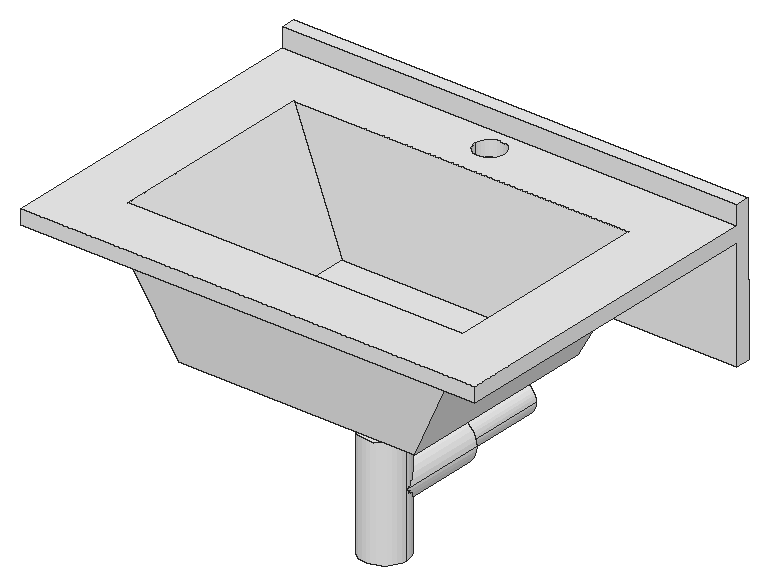
Revit family "01_Lavamanos 60", category Modelos genéricos, Revit 2021
Family settings
  Puede alojar armadura = No
  Cota de conector redondo = Diámetro de uso
  Tipo de pieza = Normal
  Se basa en plano de trabajo = No
  Siempre vertical = Sí
  Corte con vacíos al cargar = No
  Compartido = No
  Punto de cálculo de habitación = No
Parameters (values of type "610x460x170")
  _URL = "www.vatti.cl"
  _Tamaño del producto = "610x460x170"
  _Modelo = "Lavamanos ceramico 610x460x170"
  _Instalación = "Empotrado"
  _Fabricante = "Vatti"
  _Descripción = "Lavamanos ceramico"
  _Contacto teléfono = "+562 2 2478105"
  _Contacto e-mail = "cvender@vatti.cl"
  URL = "www.vatti.cl"
  Tamaño del producto = "610x460x170"
  Model = "Lavamanos ceramico 610x460x170"
  Material = Lavamanos Ceramico
  Largo = 46 cm
  Instalación = "Empotrado"
  Fabricante = "Vatti"
  Especificación Técnica = "LAVAMANOS 610x460x170"
  Elevación por defecto = 0 cm
  Description = "Lavamanos ceramico 610x460x170"
  _Desagüe y Sifón incluidos = "Si"
  Creado por = "Unibim"
  Contacto teléfono = "+562 2 2478105"
  Contacto e-mail = "cvender@vatti.cl"
  Comentarios de tipo = "Desagüe y Sifón incluidos"
  Ceramico = Lavamanos Ceramico
  Ancho = 61 cm
  Altura a Piso = 84 cm
  Altura = 17 cm
Reference planes (cm)
  plane 1 "Center (Front/Back)": y = 0
  plane 2: z = 0
  plane 3 "Center (Left/Right)": x = 0
  plane 4: y = 23
  plane 5: y = -23
  plane 6: x = -30.5
  plane 7: x = 30.5
  plane 8: z = 84
  plane 9: z = 67
Forms (cm)
  Extrusion 1, solid, material "Lavamanos Ceramico" <- "Ceramico"
    sketch origin (0, 0, 0) x (1, 0, 0) y (0, 1, 0)
      loop
        line (-30.5, 23) -> (-30.5, -23) -> (30.5, -23) -> (30.5, 23) -> (-30.5, 23)
      loop
        circle (0, 17.6943) r 2
      loop
        circle (0, 0) r 2
    from 67 to 84
  Blend 2, void
    base sketch origin (0, 0, 84) x (0, 1, 0) y (-1, 0, 0)
      loop
        line (11, 14.5) -> (-13, 14.5) -> (-13, -14.5) -> (11, -14.5) -> (11, 14.5)
    top sketch origin (0, 0, 84) x (0, 1, 0) y (-1, 0, 0)
      loop
        line (13, -22.5) -> (13, 22.5) -> (-15, 22.5) -> (-15, -22.5) -> (13, -22.5)
    from -15.5 to 0
  Extrusion 3, void
    sketch origin (30.5, -23, 0) x (1, 0, 0) y (0, 0, -1)
      loop
        line (-46.346, -67) -> (-61, -67) -> (-61, -82) -> (-53.9113, -82) -> (-46.346, -67)
      loop
        line (-7.0887, -82) -> (0, -82) -> (0, -67) -> (-14.654, -67) -> (-7.0887, -82)
    from 0 to 39
  Extrusion 4, void
    sketch origin (-30.5, -23, 0) x (0, -1, 0) y (0, 0, -1)
      loop
        line (0, -67) -> (-8.2794, -67) -> (-6.3881, -82) -> (0, -82) -> (0, -67)
      loop
        line (-44, -82) -> (-37.6119, -82) -> (-35.7206, -67) -> (-44, -67) -> (-44, -82)
    from 0 to 61
  Extrusion 5, solid, material "Lavamanos Ceramico" <- "Ceramico"
    sketch origin (-30.5, -23, 0) x (0, 1, 0) y (0, 0, -1)
      loop
        line (46, -84) -> (44, -84) -> (44, -86.5) -> (46, -86.5) -> (46, -84)
    from -61 to 0
  Extrusion 6, solid, material "Cromo"
    sketch origin (0, 0, 67) x (0, 1, 0) y (1, 0, 0)
      loop
        circle (0, 0) r 2
    from 0 to 8.9611
  Extrusion 7, solid, material "Cromo"
    sketch origin (0, 0, 67) x (0, 1, 0) y (1, 0, 0)
      loop
        circle (0, 0) r 3
    from 8.9611 to 23.7096
  Extrusion 8, solid, material "Cromo"
    sketch origin (0, 0, 0) x (1, 0, 0) y (0, 0, 1)
      loop
        circle (0, 51.8447) r 3
    from -11.7485 to 0
  Extrusion 9, solid, material "Cromo"
    sketch origin (0, 0, 0) x (1, 0, 0) y (0, 0, 1)
      loop
        circle (0, 51.8447) r 2
    from -11.7485 to -23
Cuts and joins
  Blend 2, Extrusion 3, Extrusion 4 cuts Extrusion 1
  joined: Extrusion 1, Extrusion 5
Dimensions and locks (cm)
  "Ancho": plane 6 to plane 7
  equal spacing: plane 6, plane 3 "Center (Left/Right)", plane 7
  "Largo": plane 4 to plane 5
  equal spacing: plane 4, plane 1 "Center (Front/Back)", plane 5
  "Altura a Piso": plane 8 to plane 2
  locked: Extrusion 5 to Extrusion 5 at 2
  "Altura": plane 8 to plane 9
  locked: cut or joined group of Extrusion 1, Blend 2, Extrusion 3, Extrusion 4, Extrusion 5 to cut or joined group of Extrusion 1, Blend 2, Extrusion 3, Extrusion 4, Extrusion 5 at 2
  aligned and locked: level to plane 2
  aligned and locked: plane 4 to Extrusion 1
  aligned and locked: Extrusion 1 to plane 6
  aligned and locked: Extrusion 1 to plane 5
  aligned and locked: plane 7 to Extrusion 1
  aligned and locked: Extrusion 1 to Blend 2
  aligned and locked: Extrusion 1 to Extrusion 4
  aligned and locked: Extrusion 4 to Extrusion 1  (x2)
  aligned and locked: Extrusion 1 to Extrusion 3  (x2)
  aligned and locked: plane 4 to Extrusion 5
  aligned and locked: plane 1 "Center (Front/Back)" to Extrusion 8
  aligned and locked: Extrusion 9 to Extrusion 8
  aligned and locked: Extrusion 6 to Extrusion 7
  aligned and locked: plane 9 to cut or joined group of Extrusion 1, Blend 2, Extrusion 3, Extrusion 4, Extrusion 5
  aligned and locked: Extrusion 3 to Extrusion 1
  aligned and locked: Extrusion 6 to cut or joined group of Extrusion 1, Blend 2, Extrusion 3, Extrusion 4, Extrusion 5
  aligned and locked: plane 8 to Extrusion 1
  aligned and locked: Extrusion 1 to Extrusion 6
Automatic sketch dimensions
  Blend 2 sketch curve to Extrusion 1 = 8 cm  (x3)
  Blend 2 sketch curve to Extrusion 1 = 10 cm  (x2)
  Blend 2 sketch curve to Extrusion 1 = 12 cm
  Blend 2 sketch curve to Extrusion 1 = 16 cm  (x2)
  Extrusion 3 sketch curve to Extrusion 1 = 0 cm  (x2)
  Extrusion 1 to Extrusion 3 sketch curve = 0 cm  (x2)
  Extrusion 3 sketch curve to Extrusion 1 = 2 cm  (x2)
  Extrusion 3 sketch curve to Extrusion 1 = 7.0887 cm
  Extrusion 3 sketch curve to Extrusion 3 sketch curve = 7.5652 cm
  Extrusion 1 to Extrusion 3 sketch curve = 14.654 cm
  Extrusion 1 to Extrusion 3 sketch curve = 7.0887 cm
  Extrusion 4 sketch curve to Extrusion 1 = 2 cm  (x3)
  Extrusion 4 sketch curve to Extrusion 1 = 0 cm  (x2)
  Extrusion 1 to Extrusion 4 sketch curve = 0 cm
  Extrusion 4 sketch curve to Extrusion 4 sketch curve = 6.3881 cm
  Extrusion 4 sketch curve to Extrusion 4 sketch curve = 8.2794 cm
  Extrusion 1 to Extrusion 4 sketch curve = 8.2794 cm
  Extrusion 1 to Extrusion 4 sketch curve = 6.3881 cm
  Extrusion 1 sketch curve to plane 4 = 0 cm
  Extrusion 1 sketch curve to plane 6 = 0 cm
  Extrusion 1 sketch curve to plane 3 "Center (Left/Right)" = 0 cm  (x2)
  plane 1 "Center (Front/Back)" to Extrusion 1 sketch curve = 0 cm
  Extrusion 1 sketch curve to plane 5 = 0 cm
  Extrusion 1 sketch curve to plane 7 = 0 cm
  Extrusion 1 sketch curve to plane 4 = 5.3057 cm
  Extrusion 1 to Extrusion 5 sketch curve = 0 cm  (x2)
  Extrusion 1 to Extrusion 5 sketch curve = 2 cm
  Extrusion 5 sketch curve to Extrusion 1 = 2.5 cm
  Extrusion 8 sketch curve to plane 3 "Center (Left/Right)" = 0 cm
  Extrusion 8 sketch curve to plane 8 = 32.1553 cm
  Extrusion 9 sketch curve to plane 3 "Center (Left/Right)" = 0 cm
  Extrusion 9 sketch curve to plane 8 = 32.1553 cm
  radius of Extrusion 1 sketch curve = 2 cm  (x2)
  radius of Extrusion 6 sketch curve to Extrusion 1 = 0 cm
  radius of Extrusion 1 to Extrusion 7 sketch curve = 1 cm
  radius of Extrusion 8 sketch curve = 3 cm
  radius of Extrusion 9 sketch curve = 2 cm
Connectors (cm)
  piping at (0, 23, 51.8447), diameter 3.8
    settings: on Extrusion 9, index 2, connector inside diameter 609.6 mm, connector length 0 cm, flow factor 0, pipe flow 0.0 L/s, pressure drop 0.0 Pa, fitting loss kfactor 0, connector angle 0.00°, fixture units 0, engagement length 0 cm, angle of deflection 0.00°, flow configuration 0, flow direction 0, fitting loss method 0, system type 16, joint type 0, gender type 0, connector reference index -1, connector utility 0, adjustable connector no, is connector primary yes, connector description ""
